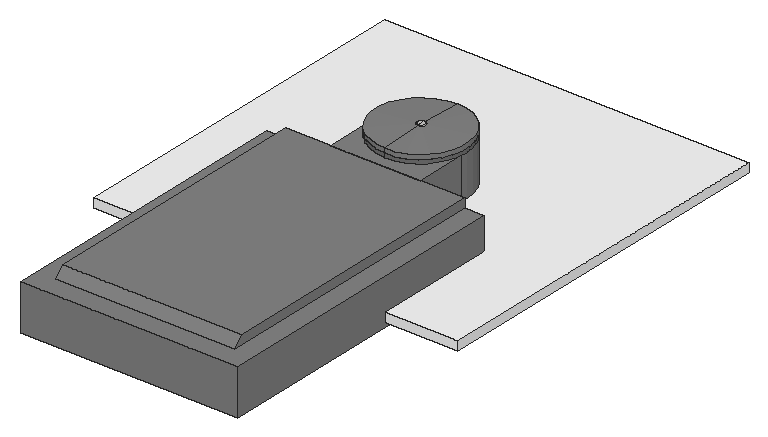
Revit family "BE_84581_de_DE", category Leuchten, Revit 2020
Family settings
  Basisbauteil = Fläche
  Bemaßung runder Anschluss = Durchmesser verwenden
  Teiletyp = Normal
  Beim Laden mit Abzugskörper schneiden = Ja
  Lichtquelle = Ja
  Gemeinsam genutzt = Nein
  Raumberechnungspunkt = Ja
Parameters (values of type "BEGA_84581_Grafit_K3")
  built-in parameter 1150104 = 15.71 (stored number, unit not read)
  Wattage = 17.8 W
  Default Elevation = 0 mm
  built-in parameter 1150113 = 1 (stored number, unit not read)
  built-in parameter 1114218 = 1 (stored number, unit not read)
  Umgebungstemperatur = "25 °C"
  URL = "https://www.bega.com/de/produkt/84581"
  Typenkommentare = "© 2022 BEGA. Wir behalten uns das Recht vor, technische Änderungen ohne vorherige Ankündigung vorzunehmen."  # constant formula
  Type Image = 84581.png
  built-in parameter 1150134 = (empty or 0)
  built-in parameter 1150109 = 1 (stored number, unit not read)
  Strom = ""
  built-in parameter 1150110 = 1 (stored number, unit not read)
  Spannung = 239.996 V
  Sonderanfertigung = no
  Seriennummer [instance] = "Hier können Sie die eindeutige Seriennummer für das Facility Management eintragen."
  Schutzklasse = "II"
  Schutzart = "IP 66"
  Scheinlast = 0 VA
  Produktdatenblatt = "https://cdn.bega.com/bega/products/84581K3/current/documents/data-sheets/de"
  Oberflächentemperatur = ""
  Neigungswinkel = 0.00°
  Modell = "84581K3"
  Material_18 = BEGA_Gummi_schwarz
  Material_17 = BEGA_Reflektor
  Material_15 = BEGA_Leuchtmedium_matt
  Material_11 = BEGA_Glas_opal
  Material_09 = BEGA_Glas_klar
  Material_06 = BEGA_Oberfläche_Edelstahl_gebürstet
  Material_01 [instance] = BEGA_Oberfläche_Grafit_matt
  M_G = yes
  Logo = 0
  built-in parameter 1114217 = 1 (stored number, unit not read)
  built-in parameter 1150139 = (empty or 0)
  built-in parameter 1150105 = 239.53 (stored number, unit not read)
  built-in parameter 1150114 = 1 (stored number, unit not read)
  Lumens = 3009.98 lm
  built-in parameter 1150115 = 1 (stored number, unit not read)
  Leuchtenlichtstrom = "2334 lm"
  Leuchtenanzahl = ""
  Lebensdauerkriterien = "L70B50 @ 25 °C = 200000 h"
  Lastklassifizierung = Beleuchtung
  built-in parameter 1150112 = 1 (stored number, unit not read)
  Lampenlichtstrom = "3010 lm"
  Lampe = "LED 15.8 W"
  LED_Modulbezeichnung = "2x LED-1081/830"
  Hersteller = "BEGA"  # constant formula
  Halbstreuwinkel = ""
  Gewicht = "5.35 kg"
  Gebrauchslageneinschränkung [instance] = ""
  Frequenz = "0/50-60 Hz"
  Farbwiedergabeindex = "CRI > 80"
  Farbtemperaturverschiebung bei Dämpfen der Lampe = <Keine Auswahl>
  Farbtemperatur = "3000 K"
  Color Filter = 16777215
  built-in parameter 1150133 = 10 (stored number, unit not read)
  Energieeffizienzklasse = "LED A++ - A"
  built-in parameter 1150137 = (empty or 0)
  built-in parameter 1150132 = (empty or 0)
  ENEC = "ja"
  Dimmbar [instance] = "DALI"
  Datei für fotometrisches Netz = "BE_84581K3.IES"
  CE_Konformität = "ja"
  Bestellnummer = "84581K3"
  Beschreibung_Sonderanfertigung = "Hier können Sie Informationen zur Sonderanfertigung eintragen."
  Beschreibung = "Aufsatzleuchte"
  built-in parameter 1150106 = 2.3953 (stored number, unit not read)
  Befestigungsbohrung = ""
  Befestigungsabstand = ""
  Ballwurfsicher = ""
  BEGA_Intern_aus = yes
  BEGA_Intern_an = yes
  BEGA_Intern_Konstruktion = yes
  BEGA_Intern = yes
  BEGA_IES = yes
  BEGA_Dummy = no
  Anschlussleitung = "6.0 m X05BQ-F 4 × 1 mm²"
  Anschlussleistung [instance] = "17.8 W"
  Anschlusskasten = ""
  built-in parameter 1150107 = 3000 (stored number, unit not read)
  built-in parameter 1150102 = (empty or 0)
  built-in parameter 1150138 = (empty or 0)
  Aktualisierung = "2022-05-19T04:00:07"
  Abstand_zur_angestrahlten_Fläche [instance] = ""
  AC/DC = "AC/DC"
Types (2, lengths in mm): name | built-in parameter 1150104 | built-in parameter 1150134 | Modell | built-in parameter 1150105 | Lumens | Leuchtenlichtstrom | Lampenlichtstrom | LED_Modulbezeichnung | Farbtemperatur | Datei für fotometrisches Netz | Bestellnummer | built-in parameter 1150106 | built-in parameter 1150107
  BEGA_84581_Grafit_K3 | 15.71 (stored number, unit not read) | (empty or 0) | "84581K3" | 239.53 (stored number, unit not read) | 3009.98 lm | "2334 lm" | "3010 lm" | "2x LED-1081/830" | "3000 K" | "BE_84581K3.IES" | "84581K3" | 2.3953 (stored number, unit not read) | 3000 (stored number, unit not read)
  BEGA_84581_Grafit_K4 | 16.154 (stored number, unit not read) | 12 | "84581K4" | 246.3 (stored number, unit not read) | 3095.06 lm | "2400 lm" | "3095 lm" | "2x LED-1081/840" | "4000 K" | "BE_84581K4.IES" | "84581K4" | 2.463 (stored number, unit not read) | 4000 (stored number, unit not read)
Reference planes
  plane 1 "Mitte (Vorne/Hinten)": y = 0
  plane 2: z = 0
  plane 3 "Mitte (Links/Rechts)": x = 0
  plane 4 "Links": x = -119.52
  plane 5 "Rechts": x = 119.52
  plane 6 "Unten": y = -401.92
  plane 7 "Oben": y = 50
  plane 8 "Vorne": z = 55.483
  plane 9 "Hinten": z = -100
Forms (mm)
  Extrusion 1, solid, material "BEGA_Platte_Weiss"
    sketch origin (0, -1119.2, 0) x (1, 0, 0) y (0, 1, 0)
      loop
        line (-200, 1319.2) -> (-200, 919.2) -> (200, 919.2) -> (200, 1319.2) -> (-200, 1319.2)
    from 0 to -10
  Extrusion 2, solid, material "BEGA_Dummy_matt", visible <- "BEGA_Dummy"
    sketch origin (80.095, -76.023, 0) x (1, 0, 0) y (0, 1, 0)
      loop
        line (-199.615, 126.023) -> (-199.615, -325.897) -> (39.425, -325.897) -> (39.425, 126.023) -> (-199.615, 126.023)
    from -100 to 55.483
Dimensions and locks
  plane 1 "Mitte (Vorne/Hinten)" to Extrusion 1 = 200 mm
  aligned and locked: plane 2 to Extrusion 1
  aligned and locked: level to Extrusion 1
Nested families
  nested 1: "BE_84581" at (0, 0, 0), type "BE_84581"
Connectors
  electrical at (0, 0, 0), driven by "Lastklassifizierung", driven by "Spannung", driven by "Scheinlast"
    settings: index 1, voltage 239.996 V, apparent load 0 VA, apparent load phase1 0 VA, apparent load phase2 0 VA, apparent load phase3 0 VA, power factor 1, load classification "Beleuchtung", number of poles 1, system type 31, power factor state 1, is connector primary yes, connector utility no, sub classification motor no, connector description ""
Definition of nested family "BE_84581"
  Parameters (values of type "BE_84581")
    Default Elevation = 1 mm
    URL = "http://www.bega.de/de/produkt"
    Type Comments = "© 2015 BEGA. Wir behalten uns das Recht vor, technische Änderungen ohne vorherige Ankündigung vorzunehmen. "  # constant formula
    Type Image = (empty or 0)
    Material_18 = none
    Material_17 = none
    Material_15 = none
    Material_11 = none
    Material_09 = none
    Material_06 = none
    Material_02 = none
    Material_01 = none
    M_W = yes
    M_G = yes
    M_A = yes
    Länge_Platte = 200 mm  # constant formula
    Höhe_Platte = -10 mm  # constant formula
    Manufacturer = "BEGA"  # constant formula
    Breite_Platte = 200 mm  # constant formula
  Reference planes
    plane 1 "Mitte (Oben/Unten)": y = 0
    plane 2: z = 0
    plane 3 "Mitte (Links/Rechts)": x = 0
    plane 4: y = 50
    plane 5: y = -401.92
    plane 6: x = -119.52
    plane 7: x = 119.52
    plane 8: z = -100
    plane 9: z = 56.3
  Forms (mm)
    Extrusion 1, solid, detail levels medium
      sketch origin (0, 0, 0) x (1, 0, 0) y (0, 1, 0)
        loop
          line (-100, 100) -> (-100, -100) -> (100, -100) -> (100, 100) -> (-100, 100)
      from 0 to -10 <- "Höhe_Platte"
    Revolve 2, solid, material <- "Material_01"
      sketch origin (0, 0, 0) x (0, 1, 0) y (0, 0, 1)
        loop
          arc (49.913, 53.5) -> (27.246, 54.905) -> (4.543, 55.483) r 623.82
          line (4.543, 55.483) -> (4.5, 50.5) -> (2.676, 50.5) -> (2.5, 47.5) -> (42.041, 47.5) -> (42.093, 43) -> (44.904, 43) -> (45, 48.5) -> (50, 48.5) -> (49.913, 53.5)
        axis (0, 55.483) -> (0, 43)
      angle from 0 to 360
    Revolve 3, solid, material <- "Material_18"
      sketch origin (0, 0, 0) x (0, 1, 0) y (0, 0, 1)
        loop
          line (50, 44.5) -> (50, 48.5) -> (45, 48.5) -> (45, 44.5) -> (50, 44.5)
        axis (0, 48.5) -> (0, 44.5)
      angle from 0 to 360
    Revolve 4, solid, material <- "Material_01"
      sketch origin (0, 0, 0) x (0, 1, 0) y (0, 0, 1)
        loop
          line (50, -15.5) -> (50, 44.5) -> (46, 44.5) -> (43.308, 6) -> (24, 6) -> (22.237, -95) -> (0, -95) -> (0, -100) -> (24.201, -100) -> (27.307, -97) -> (29, 0) -> (38.75, 0) -> (38.885, -15.5) -> (50, -15.5)
        axis (0, 44.5) -> (0, -100)
      angle from 0 to 360
    Extrusion 5, solid, material <- "Material_09"
      sketch origin (0, 0, 0) x (0, 1, 0) y (0, 0, 1)
        loop
          line (-198.009, -11.3) -> (-394.161, -11.3) -> (-394.161, -15.3) -> (-198.009, -15.3) -> (-198.009, -11.3)
      from -111.791 to 111.791
    Extrusion 6, solid, material <- "Material_01"
      sketch origin (0, 0, 0) x (1, 0, 0) y (0, 1, 0)
        loop
          line (115.955, -398.355) -> (115.955, -66.445) -> (-115.955, -66.445) -> (-115.955, -398.355) -> (115.955, -398.355)
        loop
          line (-111.791, -198.009) -> (-111.791, -394.161) -> (111.791, -394.161) -> (111.791, -198.009) -> (-111.791, -198.009)
      from -15.7 to -12.7
    Extrusion 7, solid, material <- "Material_01"
      sketch origin (0, 0, 0) x (1, 0, 0) y (0, 1, 0)
        loop
          line (-49.433, -62.88) -> (49.433, -62.88) -> (49.433, -7.51)
          arc (49.433, -7.51) -> (32.592, -37.918) -> (0, -50) r 50
          arc (0, -50) -> (-32.592, -37.918) -> (-49.433, -7.51) r 50
          line (-49.433, -7.51) -> (-49.433, -62.88)
      from -15.5 to 44.5
    Extrusion 8, solid, material <- "Material_01"
      sketch origin (0, 0, 0) x (1, 0, 0) y (0, 1, 0)
        loop
          line (-119.52, -62.88) -> (-119.52, -401.92) -> (119.52, -401.92) -> (119.52, -62.88) -> (-119.52, -62.88)
        loop
          line (-115.955, -66.841) -> (-115.955, -398.355) -> (115.955, -398.355) -> (115.955, -66.841) -> (-115.955, -66.841)
      from -15.7 to 34.7
    Extrusion 9, solid, material <- "Material_01"
      sketch origin (0, 0, 0) x (1, 0, 0) y (0, 1, 0)
        loop
          line (119.52, -62.88) -> (-119.52, -62.88) -> (-119.52, -401.92) -> (119.52, -401.92) -> (119.52, -62.88)
      from 31.77 to 34.7
    Extrusion 10, solid, material <- "Material_01"
      sketch origin (0, 0, 0) x (0, 1, 0) y (0, 0, 1)
        loop
          line (-369.622, 44.5) -> (-379.422, 34.7) -> (-62.88, 34.7) -> (-62.88, 44.5) -> (-369.622, 44.5)
      from -98.5 to 98.5
    Revolve 11, solid, material <- "Material_06"
      sketch origin (0, 0, 0) x (0, 1, 0) y (0, 0, 1)
        loop
          line (0, 56.3) -> (-4.25, 56.3) -> (-4.25, 51.3) -> (0, 51.3) -> (0, 56.3)
        axis (0, 51.3) -> (0, 56.3)
      angle from 0 to 360
    Extrusion 12, solid, material <- "Material_01"
      sketch origin (0, 0, 0) x (1, 0, 0) y (0, 1, 0)
        loop
          line (97.5, -208.1) -> (-97.5, -208.1) -> (-97.5, -384.1) -> (97.5, -384.1) -> (97.5, -208.1)
        loop
          line (110.75, -198.85) -> (-110.75, -198.85) -> (-110.75, -393.35) -> (110.75, -393.35) -> (110.75, -198.85)
      from -11.3 to -10.419
    Extrusion 13, solid, material <- "Material_17"
      sketch origin (0, 0, 0) x (0, 1, 0) y (0, 0, 1)
        loop
          line (-206.081, -8.419) -> (-224.666, -8.419)
          arc (-224.666, -8.419) -> (-214.841, 5.303) -> (-209.081, 21.167) r 62
          line (-209.081, 21.167) -> (-209.081, 28.881) -> (-238.608, 28.881)
          arc (-238.608, 28.881) -> (-312.71, 13.913) -> (-384.935, -8.419) r 752
          line (-384.935, -8.419) -> (-386.872, -8.419) -> (-386.872, 2.289) -> (-388.172, 2.289) -> (-388.172, -10.419) -> (-384.581, -10.419)
          arc (-384.581, -10.419) -> (-310.805, 12.334) -> (-235.081, 27.381) r 750
          line (-235.081, 27.381) -> (-211.081, 27.381) -> (-211.081, 21.381)
          arc (-211.081, 21.381) -> (-217.833, 4.028) -> (-229.581, -10.419) r 60
          line (-229.581, -10.419) -> (-206.081, -10.419) -> (-206.081, -8.419)
      from -98.97 to 99.011
    Extrusion 14, solid, material <- "Material_17"
      sketch origin (0, 0, 0) x (1, 0, 0) y (0, 0, 1)
        loop
          arc (-96, -10.419) -> (-90.931, 10.353) -> (-78, 27.381) r 52.5
          line (-78, 27.381) -> (-20, 27.381)
          arc (-20, 27.381) -> (-7.069, 10.353) -> (-2, -10.419) r 52.5
          line (-2, -10.419) -> (2, -10.419)
          arc (2, -10.419) -> (7.069, 10.353) -> (20, 27.381) r 52.5
          line (20, 27.381) -> (78, 27.381)
          arc (78, 27.381) -> (90.931, 10.353) -> (96, -10.419) r 52.5
          line (96, -10.419) -> (98.001, -10.419)
          arc (98.001, -10.419) -> (92.754, 11.176) -> (79.323, 28.881) r 54.5
          line (79.323, 28.881) -> (18.677, 28.881)
          arc (18.677, 28.881) -> (7.511, 15.444) -> (1.171, -0.836) r 54.5
          line (1.171, -0.836) -> (-1.171, -0.836)
          arc (-1.171, -0.836) -> (-7.463, 15.362) -> (-18.535, 28.757) r 54.5
          line (-18.535, 28.757) -> (-79.465, 28.757)
          arc (-79.465, 28.757) -> (-92.795, 11.091) -> (-98.001, -10.419) r 54.5
          line (-98.001, -10.419) -> (-96, -10.419)
      from 208.1 to 387.976
    Extrusion 15, void
      sketch origin (0, 0, 0) x (0, 1, 0) y (0, 0, 1)
        loop
          line (-234.118, 30.68) -> (-234.118, 25.381) -> (-212.581, 25.381) -> (-212.581, 30.68) -> (-234.118, 30.68)
      from 20 to 78
    Extrusion 16, void
      sketch origin (0, 0, 0) x (0, 1, 0) y (0, 0, -1)
        loop
          line (-234.118, -30.68) -> (-212.581, -30.68) -> (-212.581, -25.381) -> (-234.118, -25.381) -> (-234.118, -30.68)
      from 20 to 78
    Extrusion 17, solid, material <- "Material_15"
      sketch origin (0, 0, 0) x (1, 0, 0) y (0, 1, 0)
        loop
          line (-20, -212.581) -> (-78, -212.581) -> (-78, -234.118) -> (-20, -234.118) -> (-20, -212.581)
        loop
          line (78, -212.581) -> (20, -212.581) -> (20, -234.118) -> (78, -234.118) -> (78, -212.581)
      from 27.381 to 31.77
  Cuts and joins
    joined: Revolve 4, Extrusion 7
    Extrusion 15 cuts Extrusion 8
    Extrusion 15 cuts Extrusion 9
    Extrusion 15 cuts Extrusion 10
    joined: Extrusion 8, Extrusion 9, Extrusion 10
    Extrusion 15, Extrusion 16 cuts Extrusion 13
    Extrusion 15, Extrusion 16 cuts Extrusion 14
  Dimensions and locks
    equal spacing: Extrusion 1 sketch curve, plane 3 "Mitte (Links/Rechts)", Extrusion 1 sketch curve
    equal spacing: Extrusion 1 sketch curve, plane 1 "Mitte (Oben/Unten)", Extrusion 1 sketch curve
    "Länge_Platte": Extrusion 1 sketch curve to Extrusion 1 sketch curve
    "Breite_Platte": Extrusion 1 sketch curve to Extrusion 1 sketch curve
    aligned and locked: plane 2 to Extrusion 1
    aligned and locked: level to Extrusion 1
  Automatic sketch dimensions
    Revolve 2 sketch curve to plane 1 "Mitte (Oben/Unten)" = 0 mm  (x2)
    Revolve 2 sketch curve to plane 1 "Mitte (Oben/Unten)" = 2.5 mm
    Revolve 2 sketch curve to plane 1 "Mitte (Oben/Unten)" = 2.676 mm
    Revolve 2 sketch curve to Revolve 2 sketch curve = 1.824 mm
    plane 9 to Revolve 2 sketch curve = 0.817 mm
    Revolve 2 sketch curve to plane 1 "Mitte (Oben/Unten)" = 4.543 mm
    Revolve 2 sketch curve to plane 4 = 7.959 mm
    Revolve 2 sketch curve to Revolve 2 sketch curve = 0.052 mm
    Revolve 2 sketch curve to Revolve 2 sketch curve = 2.811 mm
    Revolve 2 sketch curve to Revolve 2 sketch curve = 2.959 mm
    Revolve 2 sketch curve to plane 4 = 0.087 mm
    Revolve 2 sketch curve to plane 4 = 0 mm
    Revolve 2 sketch curve to Revolve 2 sketch curve = 1.983 mm
    Revolve 2 sketch curve to Revolve 2 sketch curve = 4.983 mm
    Revolve 2 sketch curve to Revolve 2 sketch curve = 5 mm
    Revolve 2 sketch curve to Revolve 2 sketch curve = 3 mm
    Revolve 2 sketch curve to Revolve 2 sketch curve = 4.5 mm
    plane 8 to Revolve 2 sketch curve = 145.232 mm
    Revolve 2 sketch curve to plane 9 = 308.763 mm
    Revolve 3 sketch curve to plane 1 "Mitte (Oben/Unten)" = 0 mm
    Revolve 3 sketch curve to plane 4 = 0 mm
    Revolve 3 sketch curve to Revolve 3 sketch curve = 5 mm
    plane 9 to Revolve 3 sketch curve = 11.8 mm
    Revolve 3 sketch curve to Revolve 3 sketch curve = 4 mm
    plane 8 to Revolve 3 sketch curve = 145.232 mm
    Revolve 3 sketch curve to plane 9 = 308.763 mm
    Revolve 4 sketch curve to plane 1 "Mitte (Oben/Unten)" = 0 mm  (x2)
    plane 8 to Revolve 4 sketch curve = 0 mm
    Revolve 4 sketch curve to level = 0 mm
    Revolve 4 sketch curve to plane 4 = 0 mm
    Revolve 4 sketch curve to plane 8 = 5 mm
    Revolve 4 sketch curve to Revolve 4 sketch curve = 22.237 mm
    level to Revolve 4 sketch curve = 6 mm
    Revolve 4 sketch curve to plane 1 "Mitte (Oben/Unten)" = 24 mm
    Revolve 4 sketch curve to Revolve 4 sketch curve = 1.964 mm
    Revolve 4 sketch curve to plane 8 = 3 mm
    Revolve 4 sketch curve to Revolve 4 sketch curve = 3.106 mm
    Revolve 4 sketch curve to Revolve 4 sketch curve = 5 mm
    Revolve 4 sketch curve to Revolve 4 sketch curve = 9.75 mm
    Revolve 4 sketch curve to Revolve 4 sketch curve = 11.115 mm
    Revolve 4 sketch curve to plane 4 = 6.692 mm
    Revolve 4 sketch curve to Revolve 4 sketch curve = 4 mm
    Revolve 4 sketch curve to level = 15.5 mm
    plane 9 to Revolve 4 sketch curve = 11.8 mm
    plane 8 to Revolve 4 sketch curve = 145.232 mm
    Revolve 4 sketch curve to plane 9 = 308.763 mm
    Extrusion 5 sketch curve to plane 5 = 7.759 mm
    Extrusion 5 sketch curve to level = 11.3 mm
    Extrusion 5 sketch curve to Extrusion 5 sketch curve = 196.151 mm
    Extrusion 5 sketch curve to Extrusion 5 sketch curve = 4 mm
    Extrusion 6 sketch curve to plane 6 = 3.565 mm
    Extrusion 6 sketch curve to plane 6 = 7.729 mm
    plane 7 to Extrusion 6 sketch curve = 7.729 mm
    plane 7 to Extrusion 6 sketch curve = 3.565 mm
    Extrusion 6 sketch curve to plane 5 = 3.565 mm
    Extrusion 6 sketch curve to Extrusion 6 sketch curve = 4.194 mm
    Extrusion 6 sketch curve to Extrusion 6 sketch curve = 196.151 mm
    plane 1 "Mitte (Oben/Unten)" to Extrusion 6 sketch curve = 66.445 mm
    Extrusion 7 sketch curve to Extrusion 7 sketch curve = 0 mm  (x2)
    Extrusion 7 sketch curve to plane 3 "Mitte (Links/Rechts)" = 0 mm
    plane 1 "Mitte (Oben/Unten)" to Extrusion 7 sketch curve = 0 mm
    Extrusion 7 sketch curve to plane 3 "Mitte (Links/Rechts)" = 49.433 mm
    plane 1 "Mitte (Oben/Unten)" to Extrusion 7 sketch curve = 7.51 mm
    plane 3 "Mitte (Links/Rechts)" to Extrusion 7 sketch curve = 49.433 mm
    Extrusion 7 sketch curve to Extrusion 7 sketch curve = 12.88 mm
    Extrusion 8 sketch curve to plane 5 = 0 mm
    Extrusion 8 sketch curve to plane 6 = 0 mm
    Extrusion 8 sketch curve to plane 7 = 0 mm
    Extrusion 8 sketch curve to plane 6 = 3.565 mm
    plane 7 to Extrusion 8 sketch curve = 3.565 mm
    Extrusion 8 sketch curve to plane 5 = 3.565 mm
    plane 1 "Mitte (Oben/Unten)" to Extrusion 8 sketch curve = 66.841 mm
    Extrusion 8 sketch curve to Extrusion 8 sketch curve = 3.961 mm
    Extrusion 9 sketch curve to plane 6 = 0 mm
    Extrusion 9 sketch curve to plane 7 = 0 mm
    Extrusion 9 sketch curve to plane 5 = 0 mm
    plane 1 "Mitte (Oben/Unten)" to Extrusion 9 sketch curve = 62.88 mm
    Extrusion 10 sketch curve to plane 5 = 22.498 mm
    plane 9 to Extrusion 10 sketch curve = 11.8 mm
    Extrusion 10 sketch curve to Extrusion 10 sketch curve = 9.8 mm
    plane 9 to Extrusion 10 sketch curve = 21.6 mm
    plane 1 "Mitte (Oben/Unten)" to Extrusion 10 sketch curve = 62.88 mm
    plane 9 to Revolve 11 sketch curve = 0 mm
    Revolve 11 sketch curve to plane 1 "Mitte (Oben/Unten)" = 0 mm  (x2)
    plane 1 "Mitte (Oben/Unten)" to Revolve 11 sketch curve = 4.25 mm
    Revolve 11 sketch curve to Revolve 11 sketch curve = 5 mm
    plane 8 to Revolve 11 sketch curve = 145.232 mm
    Revolve 11 sketch curve to plane 9 = 308.763 mm
    Extrusion 12 sketch curve to plane 6 = 8.77 mm
    Extrusion 12 sketch curve to Extrusion 12 sketch curve = 13.25 mm
    plane 7 to Extrusion 12 sketch curve = 22.02 mm
    plane 7 to Extrusion 12 sketch curve = 8.77 mm
    Extrusion 12 sketch curve to plane 5 = 8.57 mm
    Extrusion 12 sketch curve to Extrusion 12 sketch curve = 9.25 mm  (x2)
    Extrusion 12 sketch curve to Extrusion 12 sketch curve = 176 mm
    Extrusion 13 sketch curve to Extrusion 13 sketch curve = 0 mm  (x4)
    Extrusion 13 sketch curve to plane 5 = 13.748 mm
    Extrusion 13 sketch curve to Extrusion 13 sketch curve = 1.3 mm
    Extrusion 13 sketch curve to Extrusion 13 sketch curve = 1.937 mm
    Extrusion 13 sketch curve to Extrusion 13 sketch curve = 0.354 mm
    plane 9 to Extrusion 13 sketch curve = 22.1 mm
    Extrusion 13 sketch curve to Extrusion 13 sketch curve = 117.176 mm
    Extrusion 13 sketch curve to Extrusion 13 sketch curve = 31.087 mm
    Extrusion 13 sketch curve to Extrusion 13 sketch curve = 3.528 mm
    Extrusion 13 sketch curve to level = 10.419 mm  (x2)
    Extrusion 13 sketch curve to Extrusion 13 sketch curve = 5.5 mm
    Extrusion 13 sketch curve to Extrusion 13 sketch curve = 4.915 mm
    Extrusion 13 sketch curve to Extrusion 13 sketch curve = 24 mm
    Extrusion 13 sketch curve to Extrusion 13 sketch curve = 2 mm  (x3)
    Extrusion 13 sketch curve to Extrusion 13 sketch curve = 18.585 mm
    plane 1 "Mitte (Oben/Unten)" to Extrusion 13 sketch curve = 126.958 mm
    plane 8 to Extrusion 13 sketch curve = 614.784 mm
    level to Extrusion 13 sketch curve = 2.289 mm
    Extrusion 14 sketch curve to Extrusion 14 sketch curve = 0 mm  (x8)
    Extrusion 14 sketch curve to level = 10.419 mm
    Extrusion 14 sketch curve to plane 6 = 21.519 mm
    Extrusion 14 sketch curve to Extrusion 14 sketch curve = 2.001 mm  (x2)
    plane 9 to Extrusion 14 sketch curve = 27.543 mm
    Extrusion 14 sketch curve to plane 6 = 40.055 mm
    Extrusion 14 sketch curve to Extrusion 14 sketch curve = 1.465 mm  (x2)
    Extrusion 14 sketch curve to level = 12.219 mm  (x2)
    Extrusion 14 sketch curve to Extrusion 14 sketch curve = 41.531 mm  (x2)
    Extrusion 14 sketch curve to Extrusion 14 sketch curve = 10.938 mm  (x2)
    Extrusion 14 sketch curve to plane 3 "Mitte (Links/Rechts)" = 20 mm
    Extrusion 14 sketch curve to plane 3 "Mitte (Links/Rechts)" = 2 mm
    Extrusion 14 sketch curve to level = 0.836 mm
    plane 3 "Mitte (Links/Rechts)" to Extrusion 14 sketch curve = 1.171 mm
    plane 3 "Mitte (Links/Rechts)" to Extrusion 14 sketch curve = 2 mm
    plane 3 "Mitte (Links/Rechts)" to Extrusion 14 sketch curve = 18.677 mm
    Extrusion 14 sketch curve to Extrusion 14 sketch curve = 1.323 mm  (x2)
    plane 7 to Extrusion 14 sketch curve = 41.52 mm
    plane 7 to Extrusion 14 sketch curve = 23.52 mm
    level to Extrusion 15 sketch curve = 25.381 mm
    Extrusion 15 sketch curve to plane 5 = 167.802 mm
    Extrusion 15 sketch curve to Extrusion 15 sketch curve = 21.538 mm
    Extrusion 15 sketch curve to Extrusion 15 sketch curve = 5.298 mm
    level to Extrusion 16 sketch curve = 25.381 mm
    Extrusion 16 sketch curve to plane 5 = 167.802 mm
    Extrusion 16 sketch curve to Extrusion 16 sketch curve = 21.538 mm
    Extrusion 16 sketch curve to Extrusion 16 sketch curve = 5.298 mm
    Extrusion 17 sketch curve to plane 6 = 41.52 mm
    Extrusion 17 sketch curve to plane 5 = 189.34 mm
    Extrusion 17 sketch curve to Extrusion 17 sketch curve = 21.538 mm  (x2)
    Extrusion 17 sketch curve to plane 3 "Mitte (Links/Rechts)" = 20 mm
    plane 3 "Mitte (Links/Rechts)" to Extrusion 17 sketch curve = 20 mm
    Extrusion 17 sketch curve to Extrusion 17 sketch curve = 0 mm
    plane 7 to Extrusion 17 sketch curve = 41.52 mm
